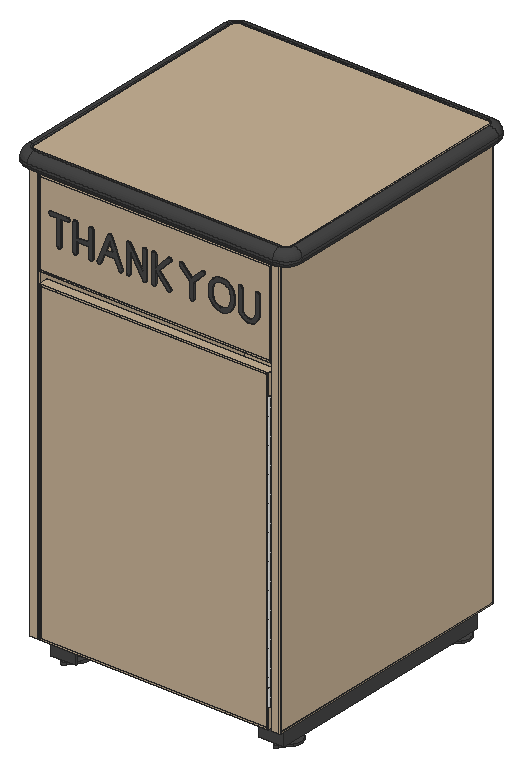
Revit family "Plymold-Essentials-Dur-A-Edge-Waste_Receptacle-", category Furniture, Revit 2022
Family settings
  OmniClass Number = 23.40.20.00
  OmniClass Title = General Furniture and Specialties
  Work Plane-Based = No
  Always vertical = Yes
  Cut with Voids When Loaded = No
  Render Appearance Source = Family Geometry
  Shared = No
  Room Calculation Point = No
Parameters (values of type "80100DE")
  Width = 26"
  URL = "https://plymold.com"
  Type Comments = "Casegoods"  # constant formula
  TOP MATERIAL = PLY - Solid Oak Horizontal
  TOP EDGE MATERIAL = PLY - Plastic Black
  Sustainability = "https://plymold.com/plymolds-sustainability-efforts/"
  SIDE MATERIAL = PLY - Solid Oak Vertical
  PLASTIC MATERIAL = PLY - Plastic Black
  GLIDES MATERIAL = PLY - Plastic Black
  FRONT MATERIAL = PLY - Solid Oak Horizontal
  EDGE VERTICAL MATERIAL = PLY - Solid Oak Vertical
  EDGE HORIZONTAL MATERIAL = PLY - Solid Oak Horizontal
  DOOR MATERIAL = PLY - Solid Oak Vertical
  DIVIDER MATERIAL = none
  Revit Model Built By = "https://www.servex-us.com/servex-revit/"
  Product Documentation Link = "https://plymold.com/product/swing-door-dur-a-edge-waste-receptacle/"
  Model = "80100DE"
  Manufacturer = "Plymold"  # constant formula
  Keynote = "12500"  # constant formula
  Height = 43 1/4"
  HARDWARE MATERIAL = PLY - Onyx Black Powdercoat
  Description = "Swing Door Dur-a-Edge Waste Receptacle - 26\"W x 26\"D x 43 1/4\"H"
  Depth = 26"
  Default Elevation = 0"
  Cost = 0
  Brand = "Receptacle"  # constant formula
  BACK MATERIAL = PLY - Solid Oak Vertical
  Assembly Code = "E2020200"
Reference planes (in)
  plane 1: z = 0
  plane 2 "Center (Front/Back)": y = 49.90131
  plane 3 "Center (Left/Right)": x = -171.57253
  plane 4: x = -145.57253
  plane 5: y = 23.90131
  plane 6: z = 43.25
Dimensions and locks (in)
  "Depth": plane 2 "Center (Front/Back)" to plane 5
  "Width": plane 3 "Center (Left/Right)" to plane 4
  "Height": plane 6 to plane 1
  aligned and locked: level to plane 1
  aligned and locked: plane 3 "Center (Left/Right)" to nested 1
  aligned and locked: nested 1 to plane 2 "Center (Front/Back)"
Nested families (in)
  nested 1: "Door_Style-Receptacles" at (-171.57253, 49.90131, 0), W <- "Width", D <- "Depth", H <- "Height", BACK MATERIAL <- "BACK MATERIAL", EDGE HORIZONTAL MATERIAL <- "EDGE HORIZONTAL MATERIAL", EDGE VERTICAL MATERIAL <- "EDGE VERTICAL MATERIAL", GLIDES MATERIAL <- "GLIDES MATERIAL", PLASTIC MATERIAL <- "PLASTIC MATERIAL", SIDE MATERIAL <- "SIDE MATERIAL", TOP EDGE MATERIAL <- "TOP EDGE MATERIAL", TOP MATERIAL <- "TOP MATERIAL", DOOR MATERIAL <- "DOOR MATERIAL", FRONT MATERIAL <- "FRONT MATERIAL", HARDWARE MATERIAL <- "HARDWARE MATERIAL", DIVIDER MATERIAL <- "DIVIDER MATERIAL", type "Door_Style-Receptacles"
    with W Door 21 13/16", W 26", TOP MATERIAL PLY - Solid Oak Horizontal, TOP EDGE MATERIAL PLY - Plastic Black, SIDE MATERIAL PLY - Solid Oak Vertical, Qty Door 2, PLASTIC MATERIAL PLY - Plastic Black, HARDWARE MATERIAL PLY - Onyx Black Powdercoat, H 43 1/4", GLIDES MATERIAL PLY - Plastic Black, FRONT MATERIAL PLY - Solid Oak Horizontal, EDGE VERTICAL MATERIAL PLY - Solid Oak Vertical, EDGE HORIZONTAL MATERIAL PLY - Solid Oak Horizontal, Divider no, Dist Door 10 29/32", Dist Divider 21 13/32", DOOR MATERIAL PLY - Solid Oak Vertical, DIVIDER MATERIAL none, D 26", BACK MATERIAL PLY - Solid Oak Vertical
Definition of nested family "Door_Style-Receptacles"
  Parameters (values of type "Door_Style-Receptacles")
    W Door [instance] = if(and(W = 72"), 21 27/64", if(and(W = 47"), 20 17/32", 21 13/16"))  # 21 27/64"
    W [instance] = 72"
    TOP MATERIAL [instance] = none
    TOP EDGE MATERIAL [instance] = none
    SIDE MATERIAL [instance] = none
    Qty Door [instance] = if(W = 72", 3, 2)  # 3
    PLASTIC MATERIAL [instance] = none
    HARDWARE MATERIAL [instance] = none
    H [instance] = 43 1/4"
    GLIDES MATERIAL [instance] = none
    FRONT MATERIAL [instance] = none
    EDGE VERTICAL MATERIAL [instance] = none
    EDGE HORIZONTAL MATERIAL [instance] = none
    Divider [instance] = if(W > 46", 2 > 1, 1 > 2)  # yes
    Dist Door [instance] = if(and(W = 72"), 10 23/32", if(and(W = 47"), 10 17/64", 10 29/32"))  # 10 23/32"
    Dist Divider [instance] = if(W = 72", 22 19/64", 21 13/32")  # 22 19/64"
    Default Elevation = 0"
    DOOR MATERIAL [instance] = none
    DIVIDER MATERIAL [instance] = none
    D [instance] = 26"
    BACK MATERIAL [instance] = none
  Reference planes (in)
    plane 1 "Center (Front/Back)": y = 0
    plane 2: z = 0
    plane 3 "Center (Left/Right)": x = 0
    plane 4: x = 72
    plane 5: y = -26
    plane 6: x = 2.09714
    plane 7: x = 12.81589
    plane 8: x = 1.22214
    plane 9: x = 69.90286
    plane 10: x = 70.77786
    plane 11: z = 43.25
    plane 12: z = 42
    plane 13: z = 2.50003
    plane 14: x = 59.18411
    plane 15: x = 24.39402
    plane 16: x = 47.60598
    plane 17: x = 36
  Forms (in)
    Sweep 1, solid, material <- "EDGE VERTICAL MATERIAL"
      path origin (0, 0, 0) x (0, 1, 0) y (0, 0, 1)
        loop
          line (-0.50734, 42) -> (-0.50734, 2.50003) -> (-25.50734, 2.50003) -> (-25.50734, 42)
      profile origin (0, -0.50734, 22.25001) x (1, 0, 0) y (0, 1, 0)
        loop
          arc (1.31589, 0) -> (1.2496, -0.02746) -> (1.22214, -0.09375) r 0.09375
          line (1.22214, -0.09375) -> (1.22214, -0.125) -> (2.09714, -0.125) -> (2.09714, -0.09375)
          arc (2.09714, -0.09375) -> (2.06968, -0.02746) -> (2.00339, 0) r 0.09375
          line (2.00339, 0) -> (1.31589, 0)
        loop
          arc (69.99661, 0) -> (69.93032, -0.02746) -> (69.90286, -0.09375) r 0.09375
          line (69.90286, -0.09375) -> (69.90286, -0.125) -> (70.77786, -0.125) -> (70.77786, -0.09375)
          arc (70.77786, -0.09375) -> (70.7504, -0.02746) -> (70.68411, 0) r 0.09375
          line (70.68411, 0) -> (69.99661, 0)
    Extrusion 2, solid, material <- "SIDE MATERIAL"
      sketch origin (0, 0, 0) x (0, 1, 0) y (0, 0, 1)
        loop
          line (-0.63234, 42) -> (-25.38234, 42) -> (-25.38234, 2.62503) -> (-0.63234, 2.62503) -> (-0.63234, 42)
      from 1.22214 to 2.09714
    Extrusion 3, solid, material <- "SIDE MATERIAL"
      sketch origin (0, 0, 0) x (0, 1, 0) y (0, 0, 1)
        loop
          line (-0.63234, 42) -> (-25.38234, 42) -> (-25.38234, 2.62503) -> (-0.63234, 2.62503) -> (-0.63234, 42)
      from 69.90286 to 70.77786
    Extrusion 4, solid, material <- "PLASTIC MATERIAL"
      sketch origin (0, 0, 0) x (1, 0, 0) y (0, 1, 0)
        loop
          line (2.09714, -1.38234) -> (2.09714, -24) -> (4.40537, -24) -> (4.40537, -23.875) -> (2.22214, -23.875) -> (2.22214, -1.38234) -> (2.09714, -1.38234)
        loop
          line (69.90286, -1.38234) -> (69.77786, -1.38234) -> (69.77786, -23.875) -> (67.59463, -23.875) -> (67.59463, -24) -> (69.90286, -24) -> (69.90286, -1.38234)
      from 0.50003 to 3.50003
    Sweep 5, solid, material <- "TOP EDGE MATERIAL"
      path origin (0, 0, 0) x (1, 0, 0) y (0, 1, 0)
        loop
          arc (1.5, 0) -> (0.43934, -0.43934) -> (0, -1.5) r 1.5
          line (0, -1.5) -> (0, -24.5)
          arc (0, -24.5) -> (0.43934, -25.56066) -> (1.5, -26) r 1.5
          line (1.5, -26) -> (70.5, -26)
          arc (70.5, -26) -> (71.56066, -25.56066) -> (72, -24.5) r 1.5
          line (72, -24.5) -> (72, -1.5)
          arc (72, -1.5) -> (71.56066, -0.43934) -> (70.5, 0) r 1.5
          line (70.5, 0) -> (1.5, 0)
      profile origin (36, 0, 0) x (0, 1, 0) y (0, 0, 1)
        loop
          line (-0.75, 43.25) -> (-0.91334, 43.25) -> (-0.91334, 42) -> (-0.25, 42)
          arc (-0.25, 42) -> (-0.07322, 42.07322) -> (0, 42.25) r 0.25
          line (0, 42.25) -> (0, 42.5)
          arc (0, 42.5) -> (-0.21967, 43.03033) -> (-0.75, 43.25) r 0.75
    Extrusion 6, solid, material <- "TOP MATERIAL"
      sketch origin (0, 0, 0) x (1, 0, 0) y (0, 1, 0)
        loop
          arc (1.5, -0.91334) -> (1.08517, -1.08517) -> (0.91334, -1.5) r 0.58666
          line (0.91334, -1.5) -> (0.91334, -24.5)
          arc (0.91334, -24.5) -> (1.08517, -24.91483) -> (1.5, -25.08666) r 0.58666
          line (1.5, -25.08666) -> (70.5, -25.08666)
          arc (70.5, -25.08666) -> (70.91483, -24.91483) -> (71.08666, -24.5) r 0.58666
          line (71.08666, -24.5) -> (71.08666, -1.5)
          arc (71.08666, -1.5) -> (70.91483, -1.08517) -> (70.5, -0.91334) r 0.58666
          line (70.5, -0.91334) -> (1.5, -0.91334)
      from 42 to 43.25
    Extrusion 7, solid, material <- "GLIDES MATERIAL"
      sketch origin (0, 0, 0) x (1, 0, 0) y (0, 1, 0)
        loop
          circle (3.04423, -2.41109) r 0.188
        loop
          circle (3.04423, -22.16109) r 0.188
        loop
          circle (68.95577, -2.41109) r 0.188
        loop
          circle (68.95577, -22.16109) r 0.188
      from 0.187 to 1.437
    Extrusion 8, solid, material <- "PLASTIC MATERIAL"
      sketch origin (0, 0, 0) x (1, 0, 0) y (0, 1, 0)
        loop
          line (67.99886, -22.78609) -> (69.77786, -22.78609) -> (69.77786, -21.53609) -> (67.99886, -21.53609) -> (67.99886, -22.78609)
        loop
          line (4.00114, -22.78609) -> (4.00114, -21.53609) -> (2.22214, -21.53609) -> (2.22214, -22.78609) -> (4.00114, -22.78609)
      from 0.50003 to 0.64606
    Extrusion 9, solid, material <- "GLIDES MATERIAL"
      sketch origin (0, 0, 0) x (1, 0, 0) y (0, 1, 0)
        loop
          arc (3.95182, -3.0765) -> (3.04423, -1.2857) -> (2.13664, -3.0765) r 1.12538
          line (2.13664, -3.0765) -> (2.79488, -3.97431)
          arc (2.79488, -3.97431) -> (3.04423, -4.10068) -> (3.29358, -3.97431) r 0.30919
          line (3.29358, -3.97431) -> (3.95182, -3.0765)
        loop
          arc (3.95182, -22.8265) -> (3.04423, -21.0357) -> (2.13664, -22.8265) r 1.12538
          line (2.13664, -22.8265) -> (2.79488, -23.72431)
          arc (2.79488, -23.72431) -> (3.04423, -23.85068) -> (3.29358, -23.72431) r 0.30919
          line (3.29358, -23.72431) -> (3.95182, -22.8265)
        loop
          line (68.04818, -3.0765) -> (68.70642, -3.97431)
          arc (68.70642, -3.97431) -> (68.95577, -4.10068) -> (69.20512, -3.97431) r 0.30919
          line (69.20512, -3.97431) -> (69.86336, -3.0765)
          arc (69.86336, -3.0765) -> (68.95577, -1.2857) -> (68.04818, -3.0765) r 1.12538
        loop
          line (68.04818, -22.8265) -> (68.70642, -23.72431)
          arc (68.70642, -23.72431) -> (68.95577, -23.85068) -> (69.20512, -23.72431) r 0.30919
          line (69.20512, -23.72431) -> (69.86336, -22.8265)
          arc (69.86336, -22.8265) -> (68.95577, -21.0357) -> (68.04818, -22.8265) r 1.12538
      from 0 to 0.187
  Cuts and joins
    joined: Extrusion 4, Extrusion 8
    joined: Extrusion 7, Extrusion 9
  Lines and regions (in)
    symbolic lines, detail levels medium+fine
      curve 1: line (3.29358, -3.97431, 0) -> (3.95182, -3.0765, 0)
      curve 2: arc (3.95182, -3.0765, 0) -> (3.04423, -1.2857, 0) -> (2.13664, -3.0765, 0) r 1.12538
      curve 3: line (2.13664, -3.0765, 0) -> (2.79488, -3.97431, 0)
      curve 4: arc (2.79488, -3.97431, 0) -> (3.04423, -4.10068, 0) -> (3.29358, -3.97431, 0) r 0.30919
      curve 5: line (3.29358, -23.72431, 0) -> (3.95182, -22.8265, 0)
      curve 6: arc (3.95182, -22.8265, 0) -> (3.04423, -21.0357, 0) -> (2.13664, -22.8265, 0) r 1.12538
      curve 7: line (2.13664, -22.8265, 0) -> (2.79488, -23.72431, 0)
      curve 8: arc (2.79488, -23.72431, 0) -> (3.04423, -23.85068, 0) -> (3.29358, -23.72431, 0) r 0.30919
      curve 33: line (68.04818, -3.0765, 0) -> (68.70642, -3.97431, 0)
      curve 34: arc (68.70642, -3.97431, 0) -> (68.95577, -4.10068, 0) -> (69.20512, -3.97431, 0) r 0.30919
      curve 35: line (69.20512, -3.97431, 0) -> (69.86336, -3.0765, 0)
      curve 36: arc (69.86336, -3.0765, 0) -> (68.95577, -1.2857, 0) -> (68.04818, -3.0765, 0) r 1.12538
      curve 37: line (68.04818, -22.8265, 0) -> (68.70642, -23.72431, 0)
      curve 38: arc (68.70642, -23.72431, 0) -> (68.95577, -23.85068, 0) -> (69.20512, -23.72431, 0) r 0.30919
      curve 39: line (69.20512, -23.72431, 0) -> (69.86336, -22.8265, 0)
      curve 40: arc (69.86336, -22.8265, 0) -> (68.95577, -21.0357, 0) -> (68.04818, -22.8265, 0) r 1.12538
    symbolic lines
      curve 9: line (1.5, 0, 0) -> (70.5, 0, 0)
      curve 10: line (0, -24.5, 0) -> (0, -1.5, 0)
      curve 11: line (70.5, -26, 0) -> (1.5, -26, 0)
      curve 12: line (72, -1.5, 0) -> (72, -24.5, 0)
      curve 13: arc (1.5, 0, 0) -> (0.43934, -0.43934, 0) -> (0, -1.5, 0) r 1.5
      curve 14: arc (70.5, 0, 0) -> (71.56066, -0.43934, 0) -> (72, -1.5, 0) r 1.5
      curve 15: arc (72, -24.5, 0) -> (71.56066, -25.56066, 0) -> (70.5, -26, 0) r 1.5
      curve 16: arc (1.5, -26, 0) -> (0.43934, -25.56066, 0) -> (0, -24.5, 0) r 1.5
    symbolic lines, detail levels fine
      curve 17: line (1.31589, -0.50734, 0) -> (2.00339, -0.50734, 0)
      curve 18: line (1.22214, -25.41359, 0) -> (1.22214, -0.60109, 0)
      curve 19: line (2.00339, -25.50734, 0) -> (1.31589, -25.50734, 0)
      curve 20: line (2.09714, -0.60109, 0) -> (2.09714, -25.41359, 0)
      curve 21: arc (1.22214, -0.60109, 0) -> (1.2496, -0.5348, 0) -> (1.31589, -0.50734, 0) r 0.09375
      curve 22: arc (2.00339, -0.50734, 0) -> (2.06968, -0.5348, 0) -> (2.09714, -0.60109, 0) r 0.09375
      curve 23: arc (1.22214, -25.41359, 0) -> (1.2496, -25.47989, 0) -> (1.31589, -25.50734, 0) r 0.09375
      curve 24: arc (2.00339, -25.50734, 0) -> (2.06968, -25.47989, 0) -> (2.09714, -25.41359, 0) r 0.09375
      curve 25: line (70.68411, -0.50734, 0) -> (69.99661, -0.50734, 0)
      curve 26: line (70.77786, -25.41359, 0) -> (70.77786, -0.60109, 0)
      curve 27: line (69.99661, -25.50734, 0) -> (70.68411, -25.50734, 0)
      curve 28: line (69.90286, -0.60109, 0) -> (69.90286, -25.41359, 0)
      curve 29: arc (70.77786, -0.60109, 0) -> (70.7504, -0.5348, 0) -> (70.68411, -0.50734, 0) r 0.09375
      curve 30: arc (69.99661, -0.50734, 0) -> (69.93032, -0.5348, 0) -> (69.90286, -0.60109, 0) r 0.09375
      curve 31: arc (70.77786, -25.41359, 0) -> (70.7504, -25.47989, 0) -> (70.68411, -25.50734, 0) r 0.09375
      curve 32: arc (69.99661, -25.50734, 0) -> (69.93032, -25.47989, 0) -> (69.90286, -25.41359, 0) r 0.09375
  Dimensions and locks (in)
    "D": plane 1 "Center (Front/Back)" to plane 5
    "W": plane 3 "Center (Left/Right)" to plane 4
    plane 3 "Center (Left/Right)" to plane 8 to plane 6 = 1.22214" locked, 7/8" locked
    plane 4 to plane 10 to plane 9 = 1.22214" locked, 7/8" locked
    locked: plane 12 to plane 11 at 1.25
    "H": plane 2 to plane 11
    locked: Sweep 1 sketch curve to plane 5 at 0.49266
    locked: plane 1 "Center (Front/Back)" to Sweep 1 sketch curve at 0.50734
    locked: plane 2 to plane 13 at 2.50003
    locked: Sweep 1 sketch curve to profile plane at 0.125
    locked: Extrusion 4 sketch curve to plane 1 "Center (Front/Back)" at 1.38234  (x2)
    Extrusion 4 to plane 13 to Extrusion 4 = 2" locked, 1" locked
    locked: plane 3 "Center (Left/Right)" to Sweep 5 sketch curve at 1.5
    locked: Sweep 5 sketch curve to plane 4 at 1.5
    locked: Sweep 5 sketch curve to plane 1 "Center (Front/Back)" at 1.5
    locked: Sweep 5 sketch curve to plane 5 at 1.5
    plane 1 "Center (Front/Back)" to Sweep 5 sketch curve to Sweep 5 sketch curve to Sweep 5 sketch curve = 1/4" locked, 1/2" locked, 0.16334" locked
    Sweep 5 sketch curve to Sweep 5 sketch curve to plane 11 = 1/4" locked, 3/4" locked
    Extrusion 4 sketch curve to Extrusion 4 sketch curve to plane 5 = 1/8" locked, 2" locked  (x2)
    Extrusion 4 sketch curve to Extrusion 4 sketch curve to plane 9 = 2.18323" locked, 1/8" locked
    plane 6 to Extrusion 4 sketch curve to Extrusion 4 sketch curve = 1/8" locked, 2.18323" locked
    locked: Extrusion 7 sketch curve to plane 5 at 3.83891  (x2)
    locked: Extrusion 7 sketch curve to plane 9 at 0.94708  (x2)
    locked: Extrusion 7 sketch curve to plane 1 "Center (Front/Back)" at 2.41109  (x2)
    locked: plane 6 to Extrusion 7 sketch curve at 0.94708  (x2)
    "Dist Divider": plane 6 to plane 15
    "Dist Divider": plane 16 to plane 9
    equal spacing: plane 6, plane 17, plane 9
    plane 9 to plane 6 = 67.80571"
    "Dist Door": plane 14 to plane 9
    "Dist Door": plane 6 to plane 7
    group 1 to group 2 = 23.21196"
    group 1 to group 2 = 0"  (x2)
    Extrusion 8 sketch curve to Extrusion 8 sketch curve to plane 5 = 1 1/4" locked, 3.21391" locked  (x2)
    plane 6 to Extrusion 8 sketch curve to Extrusion 8 sketch curve = 1/8" locked, 1.779" locked
    Extrusion 8 sketch curve to Extrusion 8 sketch curve to plane 9 = 1.779" locked, 1/8" locked
    Extrusion 8 to Extrusion 8 to plane 2 = 0.14603" locked, 0.50003" locked
    plane 6 to Extrusion 9 sketch curve to Extrusion 9 sketch curve = 0.94708" locked, 0" locked  (x2)
    Extrusion 9 sketch curve to Extrusion 9 sketch curve to plane 1 "Center (Front/Back)" = 1.38041" locked, 2.41109" locked  (x2)
    Extrusion 9 sketch curve to Extrusion 9 sketch curve to plane 5 = 1.38041" locked, 2.4585" locked  (x2)
    locked: Extrusion 9 to plane 2 at 0.187
    plane 9 to Extrusion 9 sketch curve to Extrusion 9 sketch curve = 0.94708" locked, 0" locked  (x2)
    locked: curve 14 to plane 1 "Center (Front/Back)" at 1.5
    locked: curve 14 to plane 4 at 1.5
    equal spacing: group 3, group 5, group 4  (x3)
    aligned and locked: plane 2 to level
    aligned and locked: plane 12 to Sweep 1 sketch curve  (x2)
    aligned and locked: plane 13 to Sweep 1 sketch curve
    aligned and locked: Sweep 1 sketch curve to Sweep 1 sketch curve  (x2)
    aligned and locked: Sweep 1 sketch curve to plane 8
    aligned and locked: plane 6 to Sweep 1 sketch curve
    aligned and locked: plane 9 to Sweep 1 sketch curve
    aligned and locked: Sweep 1 sketch curve to plane 10
    aligned and locked: profile plane to Sweep 1 sketch curve
    aligned and locked: Sweep 1 to Extrusion 2 sketch curve  (x3)
    aligned and locked: plane 12 to Extrusion 2 sketch curve
    aligned and locked: Extrusion 3 sketch curve to Extrusion 2  (x3)
    aligned and locked: plane 12 to Extrusion 3 sketch curve
    aligned and locked: plane 8 to Extrusion 2
    aligned and locked: Extrusion 2 to plane 6
    aligned and locked: Extrusion 3 to plane 9
    aligned and locked: plane 10 to Extrusion 3
    aligned and locked: Extrusion 4 sketch curve to plane 6
    aligned and locked: plane 3 "Center (Left/Right)" to Sweep 5 sketch curve
    aligned and locked: Sweep 5 sketch curve to plane 4
    aligned and locked: plane 1 "Center (Front/Back)" to Sweep 5 sketch curve
    aligned and locked: plane 5 to Sweep 5 sketch curve
    aligned and locked: plane 11 to Sweep 5 sketch curve
    aligned and locked: Sweep 5 sketch curve to plane 12
    aligned and locked: Extrusion 6 sketch curve to Sweep 5  (x4)
    aligned and locked: plane 12 to Extrusion 6
    aligned and locked: Extrusion 6 to plane 11
    aligned and locked: plane 1 "Center (Front/Back)" to nested 1
    aligned and locked: nested 1 to Sweep 5 sketch curve
    aligned and locked: plane 9 to Extrusion 4 sketch curve
    aligned and locked: nested 2 to plane 7
    aligned and locked: plane 1 "Center (Front/Back)" to nested 2
    aligned and locked: nested 1 to plane 15
    aligned and locked: Extrusion 7 to nested 1
    aligned and locked: nested 3 to plane 16
    aligned and locked: plane 3 "Center (Left/Right)" to curve 10
    aligned and locked: plane 5 to curve 11
    aligned and locked: plane 1 "Center (Front/Back)" to curve 9
    aligned and locked: curve 19 to Sweep 1
    aligned and locked: curve 18 to plane 8
    aligned and locked: plane 6 to curve 20
    aligned and locked: curve 17 to Sweep 1
    aligned and locked: plane 10 to Sweep 1
    aligned and locked: Sweep 1 to plane 9
    aligned and locked: curve 27 to Sweep 1
    aligned and locked: Sweep 1 to curve 25
    aligned and locked: Extrusion 4 to Extrusion 8
    aligned and locked: Extrusion 9 to plane 2
    aligned and locked: Extrusion 9 to Extrusion 7
    aligned and locked: plane 10 to curve 26
    aligned and locked: curve 28 to plane 9
    aligned and locked: curve 34 to cut or joined group of Extrusion 7, Extrusion 9
    aligned and locked: curve 36 to cut or joined group of Extrusion 7, Extrusion 9
    aligned and locked: curve 38 to cut or joined group of Extrusion 7, Extrusion 9
    aligned and locked: curve 40 to cut or joined group of Extrusion 7, Extrusion 9
    aligned and locked: curve 12 to plane 4
    aligned and locked: plane 14 to nested 4
    aligned and locked: plane 1 "Center (Front/Back)" to nested 4
  Automatic sketch dimensions
    curve 19 to plane 8 = 3/32"
    curve 21 to plane 8 = 3/32"
    curve 9 to plane 8 = 0.27786"
    curve 16 to plane 8 = 0.27786"
    plane 6 to curve 24 = 3/32"
    plane 6 to curve 17 = 3/32"
    curve 3 to plane 6 = 0.03949"
    curve 7 to plane 6 = 0.03949"
    curve 7 to plane 6 = 0.69773"
    curve 3 to plane 6 = 0.69773"
    curve 6 to plane 6 = 0.94708"
    curve 2 to plane 6 = 0.94708"
    curve 3 to curve 4 = 0.24935"
    curve 7 to curve 8 = 0.24935"
    curve 8 to curve 5 = 0.24935"
    curve 4 to curve 1 = 0.24935"
    curve 5 to curve 5 = 0.65824"
    curve 1 to curve 1 = 0.65824"
    curve 28 to curve 30 = 3/32"
    curve 28 to curve 32 = 3/32"
    curve 11 to curve 31 = 0.18411"
    curve 29 to curve 26 = 3/32"
    plane 5 to curve 12 = 1 1/2"
    curve 16 to curve 5 = 0.77569"
    curve 8 to curve 8 = 0.18281"
    curve 8 to curve 5 = 0.89781"
    curve 7 to curve 6 = 0.66541"
    curve 1 to curve 13 = 2.47431"
    curve 1 to curve 4 = 0.18281"
    curve 3 to curve 3 = 0.89781"
    curve 2 to curve 2 = 0.66541"
    profile plane to Sweep 1 sketch curve = 3/32"
    Sweep 1 sketch curve to Sweep 1 sketch curve = 3/32"  (x3)
    Sweep 5 sketch curve to plane 10 = 0.27786"
    Extrusion 9 sketch curve to Extrusion 9 sketch curve = 0.24935"  (x7)
    Extrusion 9 sketch curve to plane 6 = 0.03949"  (x2)
    Extrusion 9 sketch curve to Extrusion 9 sketch curve = 0.65824"  (x4)
    Extrusion 9 sketch curve to plane 9 = 1.85468"
    Extrusion 9 sketch curve to plane 9 = 0.03949"  (x2)
    Extrusion 9 sketch curve to Extrusion 9 sketch curve = 0.18281"  (x4)
    Extrusion 9 sketch curve to Extrusion 9 sketch curve = 0.89781"  (x4)
    curve 33 to curve 33 = 0.65824"
    curve 34 to curve 35 = 0.24935"
    curve 35 to plane 9 = 0.03949"
    curve 33 to curve 34 = 0.18281"
    curve 37 to curve 37 = 0.65824"
    curve 38 to curve 39 = 0.24935"
    curve 39 to plane 9 = 0.03949"
    curve 37 to curve 38 = 0.18281"
    radius of Extrusion 7 sketch curve = 0.188"  (x4)
  Nested families (in)
    nested 1: "Divider-Receptacles" at (24.39402, 0, 0), Divider <- "Divider", H <- "H", D <- "D", DIVIDER MATERIAL <- "DIVIDER MATERIAL", EDGE VERTICAL MATERIAL <- "EDGE VERTICAL MATERIAL", GLIDES MATERIAL <- "GLIDES MATERIAL", HARDWARE MATERIAL <- "HARDWARE MATERIAL", type "Divider-Receptacles"
      with HARDWARE MATERIAL none, H 43 1/4", GLIDES MATERIAL none, EDGE VERTICAL MATERIAL none, Divider yes, DIVIDER MATERIAL none, D 26"
    nested 2: "Door-Receptacle" at (12.81589, 0, 0), D <- "D", W Door <- "W Door", DOOR MATERIAL <- "DOOR MATERIAL", EDGE MATERIAL <- "EDGE HORIZONTAL MATERIAL", FRONT MATERIAL <- "FRONT MATERIAL", HARDWARE MATERIAL <- "HARDWARE MATERIAL", PLASTIC MATERIAL <- "PLASTIC MATERIAL", BACK MATERIAL <- "BACK MATERIAL", EDGE HORIZONTAL MATERIAL <- "EDGE HORIZONTAL MATERIAL", type "Door-Receptacle"
      with W Door 21 27/64", PLASTIC MATERIAL none, HARDWARE MATERIAL none, FRONT MATERIAL none, EDGE MATERIAL none, EDGE HORIZONTAL MATERIAL none, Door yes, DOOR MATERIAL none, D 26", BACK MATERIAL none
    nested 3: "Divider-Receptacles" at (47.60598, 0, 0), Divider <- "Divider", H <- "H", D <- "D", DIVIDER MATERIAL <- "DIVIDER MATERIAL", EDGE VERTICAL MATERIAL <- "EDGE VERTICAL MATERIAL", GLIDES MATERIAL <- "GLIDES MATERIAL", HARDWARE MATERIAL <- "HARDWARE MATERIAL", type "Divider-Receptacles"
      with HARDWARE MATERIAL none, H 43 1/4", GLIDES MATERIAL none, EDGE VERTICAL MATERIAL none, Divider yes, DIVIDER MATERIAL none, D 26"
    nested 4: "Door-Receptacle" at (59.18411, 0, 0), D <- "D", W Door <- "W Door", DOOR MATERIAL <- "DOOR MATERIAL", EDGE MATERIAL <- "EDGE HORIZONTAL MATERIAL", FRONT MATERIAL <- "FRONT MATERIAL", HARDWARE MATERIAL <- "HARDWARE MATERIAL", PLASTIC MATERIAL <- "PLASTIC MATERIAL", BACK MATERIAL <- "BACK MATERIAL", EDGE HORIZONTAL MATERIAL <- "EDGE HORIZONTAL MATERIAL", type "Door-Receptacle"
      with W Door 21 27/64", PLASTIC MATERIAL none, HARDWARE MATERIAL none, FRONT MATERIAL none, EDGE MATERIAL none, EDGE HORIZONTAL MATERIAL none, Door yes, DOOR MATERIAL none, D 26", BACK MATERIAL none
    nested 5: "Door-Receptacle" at (36, 0, 0), D <- "D", W Door <- "W Door", DOOR MATERIAL <- "DOOR MATERIAL", EDGE MATERIAL <- "EDGE HORIZONTAL MATERIAL", FRONT MATERIAL <- "FRONT MATERIAL", HARDWARE MATERIAL <- "HARDWARE MATERIAL", PLASTIC MATERIAL <- "PLASTIC MATERIAL", BACK MATERIAL <- "BACK MATERIAL", EDGE HORIZONTAL MATERIAL <- "EDGE HORIZONTAL MATERIAL", type "Door-Receptacle"
      with W Door 21 27/64", PLASTIC MATERIAL none, HARDWARE MATERIAL none, FRONT MATERIAL none, EDGE MATERIAL none, EDGE HORIZONTAL MATERIAL none, Door yes, DOOR MATERIAL none, D 26", BACK MATERIAL none
  Definition of nested family "Divider-Receptacles"
    Parameters (values of type "Divider-Receptacles")
      HARDWARE MATERIAL [instance] = none
      H [instance] = 43 1/4"
      GLIDES MATERIAL [instance] = none
      EDGE VERTICAL MATERIAL [instance] = none
      Divider [instance] = yes
      Default Elevation = 0"
      DIVIDER MATERIAL [instance] = none
      D [instance] = 24"
    Reference planes (in)
      plane 1 "Center (Front/Back)": y = 0
      plane 2: z = 0
      plane 3 "Center (Left/Right)": x = 0
      plane 4: y = -24
      plane 5: z = 2.5
      plane 6: z = 43.25
      plane 7: z = 42.002
      plane 8: x = -0.875
      plane 9: x = 0.875
    Forms (in)
      Extrusion 1, solid, material <- "GLIDES MATERIAL", visible <- "Divider"
        sketch origin (0, 0, 0) x (1, 0, 0) y (0, 1, 0)
          loop
            line (-2.72968, -3.0765) -> (-2.07144, -3.97431)
            arc (-2.07144, -3.97431) -> (-1.82208, -4.10068) -> (-1.57273, -3.97431) r 0.30919
            line (-1.57273, -3.97431) -> (-0.91449, -3.0765)
            arc (-0.91449, -3.0765) -> (-1.82208, -1.2857) -> (-2.72968, -3.0765) r 1.12538
          loop
            arc (2.72968, -3.0765) -> (1.82208, -1.2857) -> (0.91449, -3.0765) r 1.12538
            line (0.91449, -3.0765) -> (1.57273, -3.97431)
            arc (1.57273, -3.97431) -> (1.82208, -4.10068) -> (2.07144, -3.97431) r 0.30919
            line (2.07144, -3.97431) -> (2.72968, -3.0765)
          loop
            line (-2.72968, -20.8265) -> (-2.07144, -21.72431)
            arc (-2.07144, -21.72431) -> (-1.82208, -21.85068) -> (-1.57273, -21.72431) r 0.30919
            line (-1.57273, -21.72431) -> (-0.91449, -20.8265)
            arc (-0.91449, -20.8265) -> (-1.82208, -19.0357) -> (-2.72968, -20.8265) r 1.12538
          loop
            arc (2.72968, -20.8265) -> (1.82208, -19.0357) -> (0.91449, -20.8265) r 1.12538
            line (0.91449, -20.8265) -> (1.57273, -21.72431)
            arc (1.57273, -21.72431) -> (1.82208, -21.85068) -> (2.07144, -21.72431) r 0.30919
            line (2.07144, -21.72431) -> (2.72968, -20.8265)
        from 0 to 0.187
      Extrusion 2, solid, material <- "GLIDES MATERIAL", visible <- "Divider"
        sketch origin (0, 0, 0) x (1, 0, 0) y (0, 1, 0)
          loop
            circle (-1.82208, -2.41109) r 0.18938
          loop
            circle (1.82208, -2.41109) r 0.1875
          loop
            circle (-1.82208, -20.16109) r 0.1875
          loop
            circle (1.82208, -20.16109) r 0.1875
        from 0.187 to 1.437
      Sweep 3, solid, material <- "EDGE VERTICAL MATERIAL", visible <- "Divider"
        path origin (0, 0, 0) x (0, 1, 0) y (0, 0, 1)
          loop
            line (-23.5, 42.002) -> (-23.5, 2.65625)
            arc (-23.5, 2.65625) -> (-23.45424, 2.54576) -> (-23.34375, 2.5) r 0.15625
            line (-23.34375, 2.5) -> (-0.53125, 2.5)
            arc (-0.53125, 2.5) -> (-0.42076, 2.54576) -> (-0.375, 2.65625) r 0.15625
            line (-0.375, 2.65625) -> (-0.375, 42.002)
        profile origin (0, -0.375, 22.32912) x (0, -1, 0) y (1, 0, 0)
          loop
            line (0.125, 0.875) -> (0.09375, 0.875)
            arc (0.09375, 0.875) -> (0.02746, 0.84754) -> (0, 0.78125) r 0.09375
            line (0, 0.78125) -> (0, 0.09375)
            arc (0, 0.09375) -> (0.02746, 0.02746) -> (0.09375, 0) r 0.09375
            arc (0.09375, 0) -> (0.02746, -0.02746) -> (0, -0.09375) r 0.09375
            line (0, -0.09375) -> (0, -0.78125)
            arc (0, -0.78125) -> (0.02746, -0.84754) -> (0.09375, -0.875) r 0.09375
            line (0.09375, -0.875) -> (0.125, -0.875) -> (0.125, 0.875)
      Extrusion 4, solid, material <- "DIVIDER MATERIAL", visible <- "Divider"
        sketch origin (0, 0, 0) x (0, 1, 0) y (0, 0, 1)
          loop
            arc (-0.53125, 2.625) -> (-0.50915, 2.63415) -> (-0.5, 2.65625) r 0.03125
            line (-0.5, 2.65625) -> (-0.5, 42.002) -> (-23.375, 42.002) -> (-23.375, 2.65625)
            arc (-23.375, 2.65625) -> (-23.36585, 2.63415) -> (-23.34375, 2.625) r 0.03125
            line (-23.34375, 2.625) -> (-0.53125, 2.625)
        from -0.875 to 0.875
      Extrusion 5, solid, material <- "HARDWARE MATERIAL", visible <- "Divider"
        sketch origin (0, 0, 0) x (1, 0, 0) y (0, 1, 0)
          loop
            line (-0.875, -1.375) -> (-1, -1.375) -> (-1, -21.875) -> (-3.18323, -21.875) -> (-3.18323, -22) -> (-0.875, -22) -> (-0.875, -1.375)
          loop
            line (0.875, -1.375) -> (0.875, -22) -> (3.18323, -22) -> (3.18323, -21.875) -> (1, -21.875) -> (1, -1.375) -> (0.875, -1.375)
        from 0.5 to 3.5
      Extrusion 6, solid, material <- "HARDWARE MATERIAL", visible <- "Divider"
        sketch origin (0, 0, 0) x (1, 0, 0) y (0, 1, 0)
          loop
            line (-2.779, -20.79187) -> (-1, -20.79187) -> (-1, -19.54187) -> (-2.779, -19.54187) -> (-2.779, -20.79187)
          loop
            line (2.779, -20.79187) -> (2.779, -19.54187) -> (1, -19.54187) -> (1, -20.79187) -> (2.779, -20.79187)
        from 0.5 to 0.64606
    Cuts and joins
      joined: Extrusion 1, Extrusion 2
      joined: Extrusion 5, Extrusion 6
    Lines and regions (in)
      symbolic lines, visible <- "Divider", detail levels fine
        curve 1: line (-0.875, -0.46875, 0) -> (-0.875, -23.40679, 0)
        curve 2: line (0.78156, -0.375, 0) -> (0.09344, -0.375, 0)
        curve 3: line (0.875, -23.40656, 0) -> (0.875, -0.46844, 0)
        curve 4: line (0, -0.375, 0) -> (0, -23.5, 0)
        curve 5: arc (-0.78125, -0.375, 0) -> (-0.84754, -0.40246, 0) -> (-0.875, -0.46875, 0) r 0.09375
        curve 6: arc (0.875, -0.46844, 0) -> (0.84763, -0.40237, 0) -> (0.78156, -0.375, 0) r 0.09344
        curve 7: arc (0, -0.46844, 0) -> (-0.02737, -0.40237, 0) -> (-0.09344, -0.375, 0) r 0.09344
        curve 8: arc (0, -0.46844, 0) -> (0.02737, -0.40237, 0) -> (0.09344, -0.375, 0) r 0.09344
        curve 9: line (-0.09344, -0.375, 0) -> (-0.78125, -0.375, 0)
        curve 10: line (0.78156, -23.5, 0) -> (0.09344, -23.5, 0)
        curve 11: arc (-0.78179, -23.5, 0) -> (-0.8477, -23.4727, 0) -> (-0.875, -23.40679, 0) r 0.09321
        curve 12: arc (0.875, -23.40656, 0) -> (0.84763, -23.47263, 0) -> (0.78156, -23.5, 0) r 0.09344
        curve 13: arc (0, -23.40656, 0) -> (-0.02737, -23.47263, 0) -> (-0.09344, -23.5, 0) r 0.09344
        curve 14: arc (0, -23.40656, 0) -> (0.02737, -23.47263, 0) -> (0.09344, -23.5, 0) r 0.09344
        curve 15: line (-0.09344, -23.5, 0) -> (-0.78179, -23.5, 0)
      symbolic lines, visible <- "Divider", detail levels medium+fine
        curve 16: arc (-0.91449, -3.0765, 0) -> (-1.82208, -1.2857, 0) -> (-2.72968, -3.0765, 0) r 1.12538
        curve 17: line (-2.72968, -3.0765, 0) -> (-2.07144, -3.97431, 0)
        curve 18: arc (-2.07144, -3.97431, 0) -> (-1.82208, -4.10068, 0) -> (-1.57273, -3.97431, 0) r 0.30919
        curve 19: line (-1.57273, -3.97431, 0) -> (-0.91449, -3.0765, 0)
        curve 20: arc (2.72968, -3.0765, 0) -> (1.82208, -1.2857, 0) -> (0.91449, -3.0765, 0) r 1.12538
        curve 21: line (0.91449, -3.0765, 0) -> (1.57273, -3.97431, 0)
        curve 22: arc (1.57273, -3.97431, 0) -> (1.82208, -4.10068, 0) -> (2.07144, -3.97431, 0) r 0.30919
        curve 23: line (2.07144, -3.97431, 0) -> (2.72968, -3.0765, 0)
        curve 24: arc (-0.91449, -20.8265, 0) -> (-1.82208, -19.0357, 0) -> (-2.72968, -20.8265, 0) r 1.12538
        curve 25: line (-2.72968, -20.8265, 0) -> (-2.07144, -21.72431, 0)
        curve 26: arc (-2.07144, -21.72431, 0) -> (-1.82208, -21.85068, 0) -> (-1.57273, -21.72431, 0) r 0.30919
        curve 27: line (-1.57273, -21.72431, 0) -> (-0.91449, -20.8265, 0)
        curve 28: line (0.91449, -20.8265, 0) -> (1.57273, -21.72431, 0)
        curve 29: arc (1.57273, -21.72431, 0) -> (1.82208, -21.85068, 0) -> (2.07144, -21.72431, 0) r 0.30919
        curve 30: line (2.07144, -21.72431, 0) -> (2.72968, -20.8265, 0)
        curve 31: arc (2.72968, -20.8265, 0) -> (1.82208, -19.0357, 0) -> (0.91449, -20.8265, 0) r 1.12538
    Dimensions and locks (in)
      "D": plane 1 "Center (Front/Back)" to plane 4
      locked: plane 2 to plane 5 at 2.5
      "H": plane 2 to plane 6
      locked: plane 7 to plane 6 at 1.248
      Extrusion 1 sketch curve to Extrusion 1 sketch curve to plane 3 "Center (Left/Right)" to Extrusion 1 sketch curve to Extrusion 1 sketch curve = 0" locked, 1.82208" locked, 1.82208" locked, 0" locked  (x2)
      Extrusion 1 sketch curve to Extrusion 1 sketch curve to plane 4 = 1.38041" locked, 2.4585" locked  (x2)
      Extrusion 1 sketch curve to Extrusion 1 sketch curve to plane 1 "Center (Front/Back)" = 1.38041" locked, 2.41109" locked  (x2)
      Extrusion 2 sketch curve to plane 3 "Center (Left/Right)" to Extrusion 2 sketch curve = 1.82208" locked, 1.82208" locked  (x2)
      Extrusion 2 sketch curve to Extrusion 2 sketch curve to plane 4 = 0" locked, 3.83891" locked
      Extrusion 2 sketch curve to Extrusion 2 sketch curve to plane 1 "Center (Front/Back)" = 0" locked, 2.41109" locked
      Sweep 3 sketch curve to Sweep 3 sketch curve to Sweep 3 sketch curve to profile plane to Sweep 3 sketch curve to Sweep 3 sketch curve to Sweep 3 sketch curve = 3/32", 11/16", 3/32", 3/32", 11/16", 3/32"
      locked: profile plane to Sweep 3 sketch curve at 0.125
      plane 1 "Center (Front/Back)" to Sweep 3 sketch curve to Sweep 3 sketch curve = 3/8" locked, 5/32" locked
      Sweep 3 sketch curve to Sweep 3 sketch curve to plane 4 = 5/32" locked, 1/2" locked
      Extrusion 5 sketch curve to Extrusion 5 sketch curve to plane 3 "Center (Left/Right)" to Extrusion 5 sketch curve to Extrusion 5 sketch curve = 2.18323" locked, 1" locked, 1" locked, 2.18323"
      Extrusion 5 sketch curve to Extrusion 5 sketch curve to plane 4 = 1/8" locked, 2" locked
      locked: Extrusion 5 sketch curve to plane 1 "Center (Front/Back)" at 1.375
      Extrusion 5 to plane 5 to Extrusion 5 = 2" locked, 1" locked
      Extrusion 6 sketch curve to plane 3 "Center (Left/Right)" to Extrusion 6 sketch curve = 2.779" locked, 2.779" locked
      Extrusion 6 sketch curve to Extrusion 6 sketch curve to plane 4 = 1 1/4" locked, 3.20813" locked
      Extrusion 6 to Extrusion 6 to plane 2 = 0.14606" locked, 1/2" locked
      plane 8 to plane 3 "Center (Left/Right)" to plane 9 = 7/8" locked, 7/8" locked
      aligned and locked: plane 2 to level
      aligned and locked: Extrusion 2 to Extrusion 1
      aligned and locked: plane 5 to Sweep 3 sketch curve
      aligned and locked: plane 7 to Sweep 3 sketch curve  (x2)
      aligned and locked: Sweep 3 sketch curve to profile plane
      aligned and locked: Sweep 3 sketch curve to Sweep 3 sketch curve
      aligned and locked: Extrusion 4 sketch curve to Sweep 3  (x3)
      aligned and locked: Extrusion 4 to Sweep 3
      aligned and locked: Sweep 3 to Extrusion 4
      aligned and locked: Extrusion 5 sketch curve to Extrusion 4
      aligned and locked: Extrusion 4 to Extrusion 5 sketch curve
      aligned and locked: Extrusion 5 sketch curve to Extrusion 5 sketch curve  (x3)
      aligned and locked: Extrusion 6 sketch curve to Extrusion 5
      aligned and locked: Extrusion 6 sketch curve to Extrusion 6 sketch curve  (x2)
      aligned and locked: Extrusion 5 to Extrusion 6 sketch curve
      aligned and locked: Extrusion 5 to Extrusion 6
      aligned and locked: curve 9 to Sweep 3
      aligned and locked: curve 2 to Sweep 3
      aligned and locked: Sweep 3 to Sweep 3
      aligned and locked: curve 16 to cut or joined group of Extrusion 1, Extrusion 2
      aligned and locked: curve 18 to cut or joined group of Extrusion 1, Extrusion 2
      aligned and locked: curve 20 to cut or joined group of Extrusion 1, Extrusion 2
      aligned and locked: curve 22 to cut or joined group of Extrusion 1, Extrusion 2
      aligned and locked: curve 24 to cut or joined group of Extrusion 1, Extrusion 2
      aligned and locked: curve 26 to cut or joined group of Extrusion 1, Extrusion 2
      aligned and locked: curve 29 to cut or joined group of Extrusion 1, Extrusion 2
      aligned and locked: curve 31 to cut or joined group of Extrusion 1, Extrusion 2
      aligned and locked: plane 8 to curve 1
    Automatic sketch dimensions
      curve 4 to plane 3 "Center (Left/Right)" = 0"
      curve 9 to plane 3 "Center (Left/Right)" = 0.09344"
      curve 15 to plane 3 "Center (Left/Right)" = 0.09344"
      curve 5 to curve 7 = 0.68781"
      plane 3 "Center (Left/Right)" to curve 10 = 0.09344"
      curve 4 to curve 2 = 0.09344"
      curve 10 to curve 10 = 0.68813"
      curve 4 to curve 15 = 0"
      curve 15 to curve 10 = 0"
      curve 10 to curve 14 = 0.09344"
      curve 15 to curve 13 = 0.09344"
      curve 7 to curve 2 = 0.09344"
      curve 8 to curve 2 = 0.09344"
      curve 7 to curve 4 = 0.09344"
      Extrusion 1 sketch curve to Extrusion 1 sketch curve = 0.24935"  (x8)
      Extrusion 1 sketch curve to Extrusion 1 sketch curve = 0.65824"  (x4)
      Extrusion 1 sketch curve to plane 3 "Center (Left/Right)" = 0.91449"  (x2)
      plane 3 "Center (Left/Right)" to Extrusion 1 sketch curve = 0.91449"  (x2)
      Extrusion 1 sketch curve to Extrusion 1 sketch curve = 0.18281"  (x4)
      Extrusion 1 sketch curve to Extrusion 1 sketch curve = 0.89781"  (x4)
      Sweep 3 sketch curve to plane 3 "Center (Left/Right)" = 0"  (x2)
      plane 7 to Extrusion 4 sketch curve = 0"
      curve 6 to curve 3 = 0.09344"
      plane 4 to curve 13 = 0.59344"
      curve 10 to curve 3 = 0.09344"
      curve 11 to curve 1 = 0.09321"
      curve 19 to curve 16 = 0.65824"
      curve 18 to curve 18 = 0.24935"
      curve 17 to curve 18 = 0.65824"
      curve 18 to curve 18 = 0.18281"
      curve 21 to curve 21 = 0.65824"
      curve 21 to curve 22 = 0.24935"
      curve 23 to curve 23 = 0.65824"
      curve 23 to curve 22 = 0.18281"
      curve 25 to curve 25 = 0.65824"
      curve 26 to curve 27 = 0.24935"
      curve 25 to curve 26 = 0.18281"
      curve 24 to curve 24 = 0.66541"
      curve 28 to curve 28 = 0.65824"
      curve 29 to curve 29 = 0.24935"
      curve 29 to curve 30 = 0.65824"
      curve 30 to curve 29 = 0.18281"
      radius of Extrusion 2 sketch curve = 0.18938"
      radius of Extrusion 2 sketch curve = 3/16"  (x3)
  Definition of nested family "Door-Receptacle"
    Parameters (values of type "Door-Receptacle")
      W Door [instance] = 21 3/8"
      PLASTIC MATERIAL [instance] = none
      HARDWARE MATERIAL [instance] = none
      FRONT MATERIAL [instance] = none
      EDGE MATERIAL [instance] = none
      EDGE HORIZONTAL MATERIAL [instance] = none
      Door [instance] = yes
      Default Elevation = 0"
      DOOR MATERIAL [instance] = none
      D [instance] = 23.99989"
      BACK MATERIAL [instance] = none
    Reference planes (in)
      plane 1 "Center (Front/Back)": y = 0
      plane 2: z = 0
      plane 3 "Center (Left/Right)": x = 0
      plane 4: x = 10.6875
      plane 5: x = -10.6875
      plane 6: y = -23.99989
      plane 7: z = 43.25
      plane 8: z = 2.50003
      plane 9: x = 10.4375
    Forms (in)
      Sweep 1, solid, material <- "EDGE MATERIAL", visible <- "Door"
        path origin (0, 0, 0) x (1, 0, 0) y (0, 0, 1)
          loop
            line (-10.593, 32.43703) -> (-10.593, 2.50003) -> (10.438, 2.50003) -> (10.438, 32.43703) -> (-10.593, 32.43703)
        profile origin (-0.0775, 0, 32.43703) x (0, 0, 1) y (0, -1, 0)
          loop
            line (0, 22.62489) -> (0, 23.49989) -> (-0.125, 23.49989) -> (-0.125, 22.62489) -> (0, 22.62489)
      Sweep 2, solid, material <- "EDGE MATERIAL", visible <- "Door"
        path origin (0, 0, 0) x (1, 0, 0) y (0, 0, 1)
          loop
            line (-10.6875, 33.43803) -> (10.6875, 33.43803) -> (10.6875, 41.611) -> (-10.6875, 41.611) -> (-10.6875, 33.43803)
        profile origin (0, 0, 41.611) x (0, 0, -1) y (0, -1, 0)
          loop
            line (0, 22.62489) -> (0.125, 22.62489) -> (0.125, 23.49989) -> (0, 23.49989) -> (0, 22.62489)
      Extrusion 3, solid, material <- "DOOR MATERIAL", visible <- "Door"
        sketch origin (0, 0, 0) x (1, 0, 0) y (0, 0, 1)
          loop
            line (-10.468, 32.31203) -> (-10.468, 2.62503) -> (10.313, 2.62503) -> (10.313, 32.31203) -> (-10.468, 32.31203)
        from 22.62489 to 23.49989
      Extrusion 4, solid, material <- "FRONT MATERIAL", visible <- "Door"
        sketch origin (0, 0, 0) x (1, 0, 0) y (0, 0, 1)
          loop
            line (-10.5625, 41.486) -> (-10.5625, 33.56303) -> (10.5625, 33.56303) -> (10.5625, 41.486) -> (-10.5625, 41.486)
        from 22.62489 to 23.49989
      Extrusion 5, solid, visible <- "Door"
        sketch origin (0, 0, 0) x (1, 0, 0) y (0, 0, 1)
          loop
            line (-9.113, 38.56203) -> (-9.113, 36.25191)
            arc (-9.113, 36.25191) -> (-8.925, 36.06391) -> (-8.737, 36.25191) r 0.188
            line (-8.737, 36.25191) -> (-8.737, 38.56203) -> (-8.15584, 38.56203)
            arc (-8.15584, 38.56203) -> (-7.96784, 38.75003) -> (-8.15584, 38.93803) r 0.188
            line (-8.15584, 38.93803) -> (-9.68541, 38.93803)
            arc (-9.68541, 38.93803) -> (-9.87341, 38.75003) -> (-9.68541, 38.56203) r 0.188
            line (-9.68541, 38.56203) -> (-9.113, 38.56203)
          loop
            line (-7.6125, 38.76282) -> (-7.6125, 36.24856)
            arc (-7.6125, 36.24856) -> (-7.425, 36.06106) -> (-7.2375, 36.24856) r 0.1875
            line (-7.2375, 36.24856) -> (-7.2375, 37.20303) -> (-6.1135, 37.20303) -> (-6.1135, 36.25161)
            arc (-6.1135, 36.25161) -> (-5.926, 36.06411) -> (-5.7385, 36.25161) r 0.1875
            line (-5.7385, 36.25161) -> (-5.7385, 38.74845)
            arc (-5.7385, 38.74845) -> (-5.926, 38.93595) -> (-6.1135, 38.74845) r 0.1875
            line (-6.1135, 38.74845) -> (-6.1135, 37.57803) -> (-7.2375, 37.57803) -> (-7.2375, 38.76282)
            arc (-7.2375, 38.76282) -> (-7.425, 38.95032) -> (-7.6125, 38.76282) r 0.1875
          loop
            line (-4.35426, 38.81684) -> (-5.34877, 36.32407)
            arc (-5.34877, 36.32407) -> (-5.24382, 36.07979) -> (-4.99954, 36.18474) r 0.188
            line (-4.99954, 36.18474) -> (-4.64914, 37.06303) -> (-3.70786, 37.06303) -> (-3.35808, 36.1863)
            arc (-3.35808, 36.1863) -> (-3.1138, 36.08135) -> (-3.00885, 36.32563) r 0.188
            line (-3.00885, 36.32563) -> (-4.00274, 38.81684)
            arc (-4.00274, 38.81684) -> (-4.1785, 38.93594) -> (-4.35426, 38.81684) r 0.18923
          loop
            line (-4.49913, 37.43903) -> (-3.85787, 37.43903) -> (-4.1785, 38.24268) -> (-4.49913, 37.43903)
          loop
            arc (-2.6185, 36.25103) -> (-2.4305, 36.06303) -> (-2.2425, 36.25103) r 0.188
            line (-2.2425, 36.25103) -> (-2.2425, 38.07113) -> (-1.09272, 36.15432)
            arc (-1.09272, 36.15432) -> (-0.88133, 36.06985) -> (-0.7435, 36.25103) r 0.188
            line (-0.7435, 36.25103) -> (-0.7435, 38.75003)
            arc (-0.7435, 38.75003) -> (-0.9315, 38.93803) -> (-1.1195, 38.75003) r 0.188
            line (-1.1195, 38.75003) -> (-1.1195, 36.92992) -> (-2.26928, 38.84673)
            arc (-2.26928, 38.84673) -> (-2.48067, 38.93121) -> (-2.6185, 38.75003) r 0.188
            line (-2.6185, 38.75003) -> (-2.6185, 36.25103)
          loop
            line (-0.2235, 38.75053) -> (-0.2235, 36.25053)
            arc (-0.2235, 36.25053) -> (-0.036, 36.06303) -> (0.1515, 36.25053) r 0.1875
            line (0.1515, 36.25053) -> (0.1515, 37.34462) -> (1.26393, 36.12422)
            arc (1.26393, 36.12422) -> (1.52881, 36.11196) -> (1.54107, 36.37684) r 0.1875
            line (1.54107, 36.37684) -> (0.5168, 37.50053) -> (1.54107, 38.62422)
            arc (1.54107, 38.62422) -> (1.52881, 38.8891) -> (1.26393, 38.87684) r 0.1875
            line (1.26393, 38.87684) -> (0.1515, 37.65644) -> (0.1515, 38.75053)
            arc (0.1515, 38.75053) -> (-0.036, 38.93803) -> (-0.2235, 38.75053) r 0.1875
          loop
            line (3.35226, 37.64303) -> (3.35226, 36.25103)
            arc (3.35226, 36.25103) -> (3.54026, 36.06303) -> (3.72826, 36.25103) r 0.188
            line (3.72826, 36.25103) -> (3.72826, 37.64303) -> (4.68662, 38.61826)
            arc (4.68662, 38.61826) -> (4.6843, 38.88412) -> (4.41844, 38.8818) r 0.188
            line (4.41844, 38.8818) -> (3.54026, 37.98816) -> (2.66209, 38.8818)
            arc (2.66209, 38.8818) -> (2.39623, 38.88412) -> (2.39391, 38.61826) r 0.188
            line (2.39391, 38.61826) -> (3.35226, 37.64303)
          loop
            arc (7.86653, 37.06303) -> (8.86653, 36.06303) -> (9.86653, 37.06303) r 1
            line (9.86653, 37.06303) -> (9.86653, 38.75003)
            arc (9.86653, 38.75003) -> (9.67853, 38.93803) -> (9.49053, 38.75003) r 0.188
            line (9.49053, 38.75003) -> (9.49053, 37.06303)
            arc (9.49053, 37.06303) -> (8.86653, 36.43903) -> (8.24253, 37.06303) r 0.624
            line (8.24253, 37.06303) -> (8.24253, 38.75003)
            arc (8.24253, 38.75003) -> (8.05453, 38.93803) -> (7.86653, 38.75003) r 0.188
            line (7.86653, 38.75003) -> (7.86653, 37.06303)
          loop
            arc (7.49153, 37.75003) -> (6.30353, 38.93803) -> (5.11553, 37.75003) r 1.188
            line (5.11553, 37.75003) -> (5.11553, 37.25103)
            arc (5.11553, 37.25103) -> (6.30353, 36.06303) -> (7.49153, 37.25103) r 1.188
            line (7.49153, 37.25103) -> (7.49153, 37.75003)
          loop
            line (7.11653, 37.25103) -> (7.11653, 37.75003)
            arc (7.11653, 37.75003) -> (6.30353, 38.56303) -> (5.49053, 37.75003) r 0.813
            line (5.49053, 37.75003) -> (5.49053, 37.25103)
            arc (5.49053, 37.25103) -> (6.30353, 36.43803) -> (7.11653, 37.25103) r 0.813
        from 23.49989 to 23.52429
      Extrusion 6, solid, visible <- "Door"
        sketch origin (0, 0, 0) x (1, 0, 0) y (0, 1, 0)
          loop
            line (10.6875, -22.98868) -> (10.64799, -22.98868) -> (10.64799, -23.44414)
            arc (10.64799, -23.44414) -> (10.4478, -23.58502) -> (10.6875, -23.53533) r 0.125
            line (10.6875, -23.53533) -> (10.6875, -22.98868)
        from 4.56253 to 30.56253
      Extrusion 7, void
        sketch origin (0, 0, 0) x (1, 0, 0) y (0, 0, 1)
          loop
            line (10.85504, 29.78128) -> (10.438, 29.78128) -> (10.438, 29.75003) -> (10.85504, 29.75003) -> (10.85504, 29.78128)
          loop
            line (10.85504, 28.15628) -> (10.438, 28.15628) -> (10.438, 28.12503) -> (10.85504, 28.12503) -> (10.85504, 28.15628)
          loop
            line (10.85504, 28.96878) -> (10.438, 28.96878) -> (10.438, 28.93753) -> (10.85504, 28.93753) -> (10.85504, 28.96878)
          loop
            line (10.85504, 27.34378) -> (10.438, 27.34378) -> (10.438, 27.31253) -> (10.85504, 27.31253) -> (10.85504, 27.34378)
          loop
            line (10.85504, 25.71878) -> (10.438, 25.71878) -> (10.438, 25.68753) -> (10.85504, 25.68753) -> (10.85504, 25.71878)
          loop
            line (10.85504, 26.53128) -> (10.438, 26.53128) -> (10.438, 26.50003) -> (10.85504, 26.50003) -> (10.85504, 26.53128)
          loop
            line (10.85504, 24.90628) -> (10.438, 24.90628) -> (10.438, 24.87503) -> (10.85504, 24.87503) -> (10.85504, 24.90628)
          loop
            line (10.85504, 23.28128) -> (10.438, 23.28128) -> (10.438, 23.25003) -> (10.85504, 23.25003) -> (10.85504, 23.28128)
          loop
            line (10.85504, 24.09378) -> (10.438, 24.09378) -> (10.438, 24.06253) -> (10.85504, 24.06253) -> (10.85504, 24.09378)
          loop
            line (10.85504, 22.46878) -> (10.438, 22.46878) -> (10.438, 22.43753) -> (10.85504, 22.43753) -> (10.85504, 22.46878)
          loop
            line (10.85504, 20.84378) -> (10.438, 20.84378) -> (10.438, 20.81253) -> (10.85504, 20.81253) -> (10.85504, 20.84378)
          loop
            line (10.85504, 21.65628) -> (10.438, 21.65628) -> (10.438, 21.62503) -> (10.85504, 21.62503) -> (10.85504, 21.65628)
          loop
            line (10.85504, 20.03128) -> (10.438, 20.03128) -> (10.438, 20.00003) -> (10.85504, 20.00003) -> (10.85504, 20.03128)
          loop
            line (10.85504, 18.40628) -> (10.438, 18.40628) -> (10.438, 18.37503) -> (10.85504, 18.37503) -> (10.85504, 18.40628)
          loop
            line (10.85504, 19.21878) -> (10.438, 19.21878) -> (10.438, 19.18753) -> (10.85504, 19.18753) -> (10.85504, 19.21878)
          loop
            line (10.85504, 17.59378) -> (10.438, 17.59378) -> (10.438, 17.56253) -> (10.85504, 17.56253) -> (10.85504, 17.59378)
          loop
            line (10.85504, 15.96878) -> (10.438, 15.96878) -> (10.438, 15.93753) -> (10.85504, 15.93753) -> (10.85504, 15.96878)
          loop
            line (10.85504, 16.78128) -> (10.438, 16.78128) -> (10.438, 16.75003) -> (10.85504, 16.75003) -> (10.85504, 16.78128)
          loop
            line (10.85504, 15.15628) -> (10.438, 15.15628) -> (10.438, 15.12503) -> (10.85504, 15.12503) -> (10.85504, 15.15628)
          loop
            line (10.85504, 13.53128) -> (10.438, 13.53128) -> (10.438, 13.50003) -> (10.85504, 13.50003) -> (10.85504, 13.53128)
          loop
            line (10.85504, 14.34378) -> (10.438, 14.34378) -> (10.438, 14.31253) -> (10.85504, 14.31253) -> (10.85504, 14.34378)
          loop
            line (10.85504, 12.71878) -> (10.438, 12.71878) -> (10.438, 12.68753) -> (10.85504, 12.68753) -> (10.85504, 12.71878)
          loop
            line (10.85504, 11.09378) -> (10.438, 11.09378) -> (10.438, 11.06253) -> (10.85504, 11.06253) -> (10.85504, 11.09378)
          loop
            line (10.85504, 11.90628) -> (10.438, 11.90628) -> (10.438, 11.87503) -> (10.85504, 11.87503) -> (10.85504, 11.90628)
          loop
            line (10.85504, 10.28128) -> (10.438, 10.28128) -> (10.438, 10.25003) -> (10.85504, 10.25003) -> (10.85504, 10.28128)
          loop
            line (10.85504, 8.65628) -> (10.438, 8.65628) -> (10.438, 8.62503) -> (10.85504, 8.62503) -> (10.85504, 8.65628)
          loop
            line (10.85504, 9.46878) -> (10.438, 9.46878) -> (10.438, 9.43753) -> (10.85504, 9.43753) -> (10.85504, 9.46878)
          loop
            line (10.85504, 7.84378) -> (10.438, 7.84378) -> (10.438, 7.81253) -> (10.85504, 7.81253) -> (10.85504, 7.84378)
          loop
            line (10.85504, 6.21878) -> (10.438, 6.21878) -> (10.438, 6.18753) -> (10.85504, 6.18753) -> (10.85504, 6.21878)
          loop
            line (10.85504, 7.03128) -> (10.438, 7.03128) -> (10.438, 7.00003) -> (10.85504, 7.00003) -> (10.85504, 7.03128)
          loop
            line (10.85504, 5.40628) -> (10.438, 5.40628) -> (10.438, 5.37503) -> (10.85504, 5.37503) -> (10.85504, 5.40628)
        from 22.36661 to 23.99989
      Extrusion 8, solid, material <- "HARDWARE MATERIAL"
        sketch origin (0, 0, 0) x (0, 1, 0) y (0, 0, 1)
          loop
            line (-2.87179, 0.50003) -> (-1.38234, 0.50003) -> (-1.38234, 3.50003) -> (-1.50734, 3.50003) -> (-1.50734, 0.62503) -> (-2.87179, 0.62503) -> (-2.87179, 0.50003)
        from -10.5625 to 10.5625
      Extrusion 9, solid, material <- "BACK MATERIAL"
        sketch origin (0, 0, 0) x (0, 1, 0) y (0, 0, 1)
          loop
            line (-0.50734, 42) -> (-1.38234, 42) -> (-1.38234, 2.62503) -> (-0.50734, 2.62503) -> (-0.50734, 42)
        from -10.6875 to 10.6875
      Extrusion 10, solid, material <- "EDGE HORIZONTAL MATERIAL"
        sketch origin (0, 0, 0) x (0, 1, 0) y (0, 0, 1)
          loop
            line (-0.50734, 2.62503) -> (-1.38234, 2.62503) -> (-1.38234, 2.59378)
            arc (-1.38234, 2.59378) -> (-1.35489, 2.52749) -> (-1.28859, 2.50003) r 0.09375
            line (-1.28859, 2.50003) -> (-0.60109, 2.50003)
            arc (-0.60109, 2.50003) -> (-0.5348, 2.52749) -> (-0.50734, 2.59378) r 0.09375
            line (-0.50734, 2.59378) -> (-0.50734, 2.62503)
        from -10.6875 to 10.6875
    Cuts and joins
      Extrusion 7 cuts Extrusion 6
    Lines and regions (in)
      symbolic lines, detail levels fine
        curve 1: line (-10.593, -23.49989, 0) -> (10.438, -23.49989, 0)
        curve 2: line (-10.593, -22.62489, 0) -> (-10.593, -23.49989, 0)
        curve 3: line (10.438, -22.62489, 0) -> (-10.593, -22.62489, 0)
        curve 4: line (10.438, -23.49989, 0) -> (10.438, -22.62489, 0)
        curve 5: line (-10.6875, -0.50734, 0) -> (10.6875, -0.50734, 0)
        curve 6: line (-10.6875, -1.38234, 0) -> (-10.6875, -0.50734, 0)
        curve 7: line (10.6875, -1.38234, 0) -> (-10.6875, -1.38234, 0)
        curve 8: line (10.6875, -0.50734, 0) -> (10.6875, -1.38234, 0)
    Dimensions and locks (in)
      "D": plane 6 to plane 1 "Center (Front/Back)"
      "W Door": plane 5 to plane 4
      plane 7 to plane 2 = 43 1/4"
      locked: plane 8 to plane 2 at 2.50003
      locked: plane 4 to Sweep 1 sketch curve at 0.2495
      locked: plane 5 to Sweep 1 sketch curve at 0.0945
      locked: Sweep 1 sketch curve to plane 8 at 29.937
      locked: Sweep 1 sketch curve to Sweep 1 sketch curve at 0.125
      Sweep 1 sketch curve to Sweep 1 sketch curve to plane 6 = 7/8" locked, 1/2" locked
      plane 7 to Sweep 2 sketch curve to Sweep 2 sketch curve = 1.639" locked, 8.17297" locked
      Sweep 2 sketch curve to Sweep 2 sketch curve to plane 6 = 7/8" locked, 1/2" locked
      locked: Sweep 2 sketch curve to Sweep 2 sketch curve at 0.125
      Extrusion 5 sketch curve to Extrusion 5 sketch curve to Extrusion 5 sketch curve to Extrusion 5 sketch curve to Extrusion 5 sketch curve to Extrusion 5 sketch curve to Extrusion 5 sketch curve to Extrusion 5 sketch curve to Extrusion 5 sketch curve to Extrusion 5 sketch curve to Extrusion 5 sketch curve to Extrusion 5 sketch curve to Extrusion 5 sketch curve to Extrusion 5 sketch curve to Extrusion 5 sketch curve to Extrusion 5 sketch curve to Extrusion 5 sketch curve to Extrusion 5 sketch curve to Extrusion 5 sketch curve to plane 3 "Center (Left/Right)" to Extrusion 5 sketch curve to Extrusion 5 sketch curve to Extrusion 5 sketch curve to Extrusion 5 sketch curve to Extrusion 5 sketch curve to Extrusion 5 sketch curve to Extrusion 5 sketch curve to Extrusion 5 sketch curve to Extrusion 5 sketch curve to Extrusion 5 sketch curve to Extrusion 5 sketch curve to Extrusion 5 sketch curve to Extrusion 5 sketch curve to Extrusion 5 sketch curve to Extrusion 5 sketch curve to Extrusion 5 sketch curve to Extrusion 5 sketch curve to Extrusion 5 sketch curve to Extrusion 5 sketch curve = 0.376" locked, 0.624" locked, 0.624" locked, 0.376" locked, 3/8" locked, 3/8" locked, 0.813" locked, 0.813" locked, 3/8" locked, 0.563" locked, 0.82426" locked, 0.188" locked, 0" locked, 0.188" locked, 0.82426" locked, 1.1255" locked, 0.8857" locked, 0.3653" locked, 0.1515" locked, 0.2235" locked, 0.52" locked, 0.376" locked, 1.123" locked, 0.376" locked, 0.56497" locked, 0.67441" locked, 0.32063" locked, 0.32063" locked, 0.67503" locked, 0.56435" locked, 3/8" locked, 1.124" locked, 3/8" locked, 0.54334" locked, 0.58116" locked, 0.188" locked, 0.188" locked, 0.57241" locked
